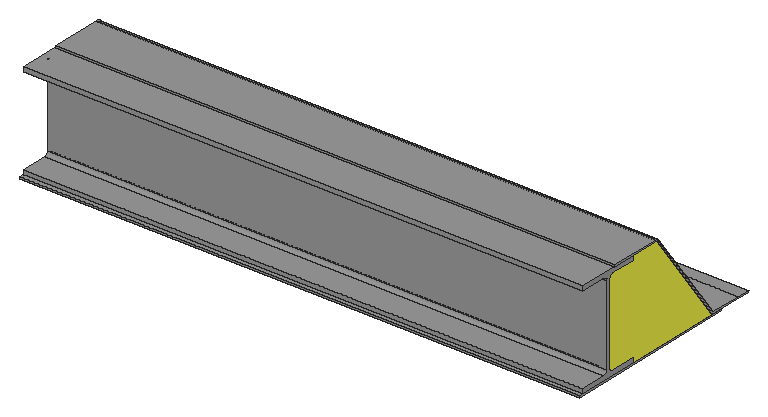
Revit family "XK 150 215 WIL", category Generic Models, Revit 2014
Parameters (values of type "Max lintel length 6600mm")
  URL = "http://www.keystonelintels.co.uk"
  Structural Opening [instance] = 900 mm
  Structural Performance = "The Keystone lintel range has safe working loads as detailed in each applicable loading table in the Keystone Lintel Guide brochure. The structural performance figures within each table have been ascertained by testing in accordance with the requirements of standards BS EN 5977-2: 1983 and BS EN 845-2: 2003."
  RIBA Productor Selector = "available for Keystone Lintels Ltd from Keystone Lintels Ltd from ribaproductselector.com"
  Model = "X/K 150 215 WIL"
  Min Length = 600 mm
  Min Clear Span = 300 mm
  Max Length = 6600 mm
  Max Clear Span = 6600 mm
  Material - Stainless Steel = "Grade 304 2b 1.4307 to BS EN 10088-2. Other grades available on request: contact manufacturer."
  Material - Galvanised Steel = "To BS EN 10346: 2009. DX51D plus Z600 or grade Z275 to BS 5977-2: 1983 (BS EN 845-2: 2003)."
  Manufacturer = "Keystone"
  Manufactured Length [instance] = (roundup(Effective Length / 150 mm) * 150 mm)  # 1200 mm
  Lintel height [instance] = 2100 mm
  Keynote = "F30/755"
  Fire Performance = "Keystone lintels have been subjected to a fire test (WARRES No. 101263) in accordance with BS 476-20: 1987, at Exova Warrington Fire and achieved a one hour fire performance."
  End Bearing = 150 mm
  Effective Length [instance] = Clear Opening with MIN MAX set + End Bearing * 2  # 1200 mm
  Corrosion = "Keystone’s standard range of lintels are manufactured from high quality grade pre-galvanized carbon steel with a zinc coating of 600"
  Contact Tel = "+44 (0)28 8676 2184"
  Contact Email = "info@keystonelintels.co.uk"
  Clear Opening with MIN MAX set [instance] = if(Structural Opening < Min Clear Span, Min Clear Span, (if(Structural Opening > Max Clear Span, Max Clear Span, Structural Opening)))  # 900 mm
  CPD Information = "Available for Keystone Lintels Ltd from ribacpd.com"
Reference planes
  plane 1 "Center (Front/Back)": y = 0
  plane 2: z = 0
  plane 3 "Center (Left/Right)": x = 0
  plane 4: x = -600
  plane 5: x = 600
  plane 6: z = 2100
  plane 7: x = -450
  plane 8: x = 450
Forms (mm)
  Extrusion 1, solid, material "Steel"
    sketch origin (0, 799.627, -506.841) x (0, 1, 0) y (0, 0, 1)
      loop
        line (-490.5, 2605.979) -> (-490.445, 2609.179) -> (-515.43, 2610.041) -> (-584.789, 2610.041)
        arc (-584.789, 2610.041) -> (-585.61, 2610.239) -> (-586.25, 2610.79) r 1.8
        line (-586.25, 2610.79) -> (-733.03, 2814.762)
        arc (-733.03, 2814.762) -> (-734.809, 2816.291) -> (-737.089, 2816.841) r 5
        line (-737.089, 2816.841) -> (-849.627, 2816.841) -> (-849.627, 2813.641) -> (-737.089, 2813.641)
        arc (-737.089, 2813.641) -> (-736.268, 2813.443) -> (-735.628, 2812.892) r 1.8
        line (-735.628, 2812.892) -> (-588.847, 2608.921)
        arc (-588.847, 2608.921) -> (-587.069, 2607.391) -> (-584.789, 2606.841) r 5
        line (-584.789, 2606.841) -> (-515.485, 2606.841) -> (-490.5, 2605.979)
    from -600 to 600
  Extrusion 2, solid, material "Steel"
    sketch origin (0, 799.627, -506.841) x (0, 1, 0) y (0, 0, 1)
      loop
        line (-933.527, 2606.841) -> (-799.627, 2606.841) -> (-799.627, 2616.441) -> (-855.777, 2616.441)
        arc (-855.777, 2616.441) -> (-861.151, 2618.667) -> (-863.377, 2624.041) r 7.6
        line (-863.377, 2624.041) -> (-863.377, 2796.441)
        arc (-863.377, 2796.441) -> (-861.151, 2801.815) -> (-855.777, 2804.041) r 7.6
        line (-855.777, 2804.041) -> (-799.627, 2804.041) -> (-799.627, 2813.641) -> (-933.527, 2813.641) -> (-933.527, 2804.041) -> (-877.377, 2804.041)
        arc (-877.377, 2804.041) -> (-872.003, 2801.815) -> (-869.777, 2796.441) r 7.6
        line (-869.777, 2796.441) -> (-869.777, 2624.041)
        arc (-869.777, 2624.041) -> (-872.003, 2618.667) -> (-877.377, 2616.441) r 7.6
        line (-877.377, 2616.441) -> (-933.527, 2616.441) -> (-933.527, 2606.841)
    from -600 to 600
  Extrusion 3, solid, material "Steel"
    sketch origin (0, 799.627, -506.841) x (0, 1, 0) y (0, 0, 1)
      loop
        line (-564.527, 2603.641) -> (-564.527, 2606.841) -> (-943.527, 2606.841) -> (-943.527, 2603.641) -> (-564.527, 2603.641)
    from -600 to 600
  Extrusion 4, solid, material "Insulation"
    sketch origin (0, 799.627, -506.841) x (0, 1, 0) y (0, 0, 1)
      loop
        line (-799.627, 2606.841) -> (-584.789, 2606.841)
        arc (-584.789, 2606.841) -> (-587.069, 2607.391) -> (-588.847, 2608.921) r 5
        line (-588.847, 2608.921) -> (-735.628, 2812.892)
        arc (-735.628, 2812.892) -> (-736.268, 2813.443) -> (-737.089, 2813.641) r 1.8
        line (-737.089, 2813.641) -> (-799.627, 2813.641) -> (-799.627, 2804.041) -> (-855.777, 2804.041)
        arc (-855.777, 2804.041) -> (-861.151, 2801.815) -> (-863.377, 2796.441) r 7.6
        line (-863.377, 2796.441) -> (-863.377, 2624.041)
        arc (-863.377, 2624.041) -> (-861.151, 2618.667) -> (-855.777, 2616.441) r 7.6
        line (-855.777, 2616.441) -> (-799.627, 2616.441) -> (-799.627, 2606.841)
    from -600 to 600
  Extrusion 5, solid, not visible
    sketch origin (0, 964.652, 1233.72) x (0, 1, 0) y (0, 0, 1)
      loop
        line (-490.5, 1005.979) -> (-490.445, 1009.179) -> (-515.43, 1010.041) -> (-584.789, 1010.041)
        arc (-584.789, 1010.041) -> (-585.61, 1010.239) -> (-586.25, 1010.79) r 1.8
        line (-586.25, 1010.79) -> (-733.03, 1214.762)
        arc (-733.03, 1214.762) -> (-734.809, 1216.291) -> (-737.089, 1216.841) r 5
        line (-737.089, 1216.841) -> (-849.627, 1216.841) -> (-849.627, 1213.641) -> (-737.089, 1213.641)
        arc (-737.089, 1213.641) -> (-736.268, 1213.443) -> (-735.628, 1212.892) r 1.8
        line (-735.628, 1212.892) -> (-588.847, 1008.921)
        arc (-588.847, 1008.921) -> (-587.069, 1007.391) -> (-584.789, 1006.841) r 5
        line (-584.789, 1006.841) -> (-515.485, 1006.841) -> (-490.5, 1005.979)
    from 0 to 250
  Extrusion 6, solid, not visible
    sketch origin (0, 605.22, 1304.901) x (0, 1, 0) y (0, 0, 1)
      loop
        line (-933.527, 1006.841) -> (-799.627, 1006.841) -> (-799.627, 1016.441) -> (-855.777, 1016.441)
        arc (-855.777, 1016.441) -> (-861.151, 1018.667) -> (-863.377, 1024.041) r 7.6
        line (-863.377, 1024.041) -> (-863.377, 1196.441)
        arc (-863.377, 1196.441) -> (-861.151, 1201.815) -> (-855.777, 1204.041) r 7.6
        line (-855.777, 1204.041) -> (-799.627, 1204.041) -> (-799.627, 1213.641) -> (-933.527, 1213.641) -> (-933.527, 1204.041) -> (-877.377, 1204.041)
        arc (-877.377, 1204.041) -> (-872.003, 1201.815) -> (-869.777, 1196.441) r 7.6
        line (-869.777, 1196.441) -> (-869.777, 1024.041)
        arc (-869.777, 1024.041) -> (-872.003, 1018.667) -> (-877.377, 1016.441) r 7.6
        line (-877.377, 1016.441) -> (-933.527, 1016.441) -> (-933.527, 1006.841)
    from 0 to 250
  Extrusion 7, solid, not visible
    sketch origin (0, 1039.364, 1024.659) x (0, 1, 0) y (0, 0, 1)
      loop
        line (-564.527, 1003.641) -> (-564.527, 1006.841) -> (-943.527, 1006.841) -> (-943.527, 1003.641) -> (-564.527, 1003.641)
    from 0 to 250
  Extrusion 8, solid, not visible
    sketch origin (0, 561.438, 842.054) x (0, 1, 0) y (0, 0, 1)
      loop
        line (-799.627, 1006.841) -> (-584.789, 1006.841)
        arc (-584.789, 1006.841) -> (-587.069, 1007.391) -> (-588.847, 1008.921) r 5
        line (-588.847, 1008.921) -> (-735.628, 1212.892)
        arc (-735.628, 1212.892) -> (-736.268, 1213.443) -> (-737.089, 1213.641) r 1.8
        line (-737.089, 1213.641) -> (-799.627, 1213.641) -> (-799.627, 1204.041) -> (-855.777, 1204.041)
        arc (-855.777, 1204.041) -> (-861.151, 1201.815) -> (-863.377, 1196.441) r 7.6
        line (-863.377, 1196.441) -> (-863.377, 1024.041)
        arc (-863.377, 1024.041) -> (-861.151, 1018.667) -> (-855.777, 1016.441) r 7.6
        line (-855.777, 1016.441) -> (-799.627, 1016.441) -> (-799.627, 1006.841)
    from 0 to 250
Dimensions and locks
  equal spacing: plane 4, plane 3 "Center (Left/Right)", plane 5
  "Manufactured Length": plane 4 to plane 5
  "Lintel height": plane 6 to level
  "Structural Opening": plane 7 to plane 8
  equal spacing: plane 7, plane 3 "Center (Left/Right)", plane 8
  aligned and locked: level to plane 2
  aligned and locked: Extrusion 2 to plane 6
  aligned and locked: Extrusion 4 to plane 6
  aligned and locked: Extrusion 1 to plane 6
  aligned and locked: plane 6 to Extrusion 3
  aligned and locked: plane 5 to Extrusion 2
  aligned and locked: Extrusion 2 to plane 4
  aligned and locked: plane 5 to Extrusion 3
  aligned and locked: Extrusion 3 to plane 4
  aligned and locked: plane 5 to Extrusion 1
  aligned and locked: Extrusion 1 to plane 4
  aligned and locked: plane 5 to Extrusion 4
  aligned and locked: Extrusion 4 to plane 4
Automatic sketch dimensions
  Extrusion 1 sketch curve to Extrusion 1 sketch curve = 69.303 mm
  Extrusion 1 sketch curve to Extrusion 1 sketch curve = 24.985 mm
  Extrusion 1 sketch curve to Extrusion 1 sketch curve = 0.862 mm
  Extrusion 1 sketch curve to Extrusion 1 sketch curve = 0.055 mm  (x2)
  Extrusion 1 sketch curve to Extrusion 1 sketch curve = 3.2 mm  (x2)
  Extrusion 1 sketch curve to Extrusion 1 sketch curve = 0 mm  (x8)
  Extrusion 1 sketch curve to Extrusion 1 sketch curve = 1.8 mm
  Extrusion 1 sketch curve to Extrusion 1 sketch curve = 4.058 mm
  Extrusion 1 sketch curve to Extrusion 1 sketch curve = 1.461 mm  (x2)
  Extrusion 1 sketch curve to Extrusion 1 sketch curve = 146.781 mm
  Extrusion 1 sketch curve to Extrusion 1 sketch curve = 203.972 mm
  Extrusion 1 sketch curve to Extrusion 1 sketch curve = 2.597 mm
  Extrusion 1 sketch curve to Extrusion 1 sketch curve = 1.869 mm
  Extrusion 1 sketch curve to Extrusion 1 sketch curve = 1.051 mm
  Extrusion 1 sketch curve to Extrusion 1 sketch curve = 112.538 mm
  Extrusion 2 sketch curve to Extrusion 2 sketch curve = 133.9 mm
  Extrusion 2 sketch curve to Extrusion 2 sketch curve = 9.6 mm  (x3)
  Extrusion 2 sketch curve to Extrusion 2 sketch curve = 56.15 mm  (x3)
  Extrusion 2 sketch curve to Extrusion 2 sketch curve = 7.6 mm  (x4)
  Extrusion 2 sketch curve to Extrusion 2 sketch curve = 172.4 mm
  Extrusion 2 sketch curve to Extrusion 2 sketch curve = 14 mm
  Extrusion 2 sketch curve to Extrusion 2 sketch curve = 0 mm
  Extrusion 3 sketch curve to Extrusion 3 sketch curve = 379 mm
  Extrusion 3 sketch curve to Extrusion 3 sketch curve = 3.2 mm
  Extrusion 4 sketch curve to Extrusion 4 sketch curve = 4.058 mm
  Extrusion 4 sketch curve to Extrusion 4 sketch curve = 210.78 mm
  Extrusion 4 sketch curve to Extrusion 4 sketch curve = 0 mm
  Extrusion 4 sketch curve to Extrusion 4 sketch curve = 2.92 mm
  Extrusion 4 sketch curve to Extrusion 4 sketch curve = 146.781 mm
  Extrusion 4 sketch curve to Extrusion 4 sketch curve = 203.972 mm
  Extrusion 4 sketch curve to Extrusion 4 sketch curve = 9.6 mm  (x2)
  Extrusion 4 sketch curve to Extrusion 4 sketch curve = 56.15 mm  (x2)
  Extrusion 4 sketch curve to Extrusion 4 sketch curve = 7.6 mm  (x2)
  Extrusion 4 sketch curve to Extrusion 4 sketch curve = 1.461 mm
  Extrusion 4 sketch curve to Extrusion 4 sketch curve = 1.051 mm
  Extrusion 4 sketch curve to Extrusion 4 sketch curve = 197.2 mm
  Extrusion 5 sketch curve to Extrusion 5 sketch curve = 69.303 mm
  Extrusion 5 sketch curve to Extrusion 5 sketch curve = 24.985 mm
  Extrusion 5 sketch curve to Extrusion 5 sketch curve = 0.862 mm
  Extrusion 5 sketch curve to Extrusion 5 sketch curve = 0.055 mm  (x2)
  Extrusion 5 sketch curve to Extrusion 5 sketch curve = 3.2 mm  (x2)
  Extrusion 5 sketch curve to Extrusion 5 sketch curve = 0 mm  (x8)
  Extrusion 5 sketch curve to Extrusion 5 sketch curve = 1.8 mm
  Extrusion 5 sketch curve to Extrusion 5 sketch curve = 4.058 mm
  Extrusion 5 sketch curve to Extrusion 5 sketch curve = 1.461 mm  (x2)
  Extrusion 5 sketch curve to Extrusion 5 sketch curve = 146.781 mm
  Extrusion 5 sketch curve to Extrusion 5 sketch curve = 203.972 mm
  Extrusion 5 sketch curve to Extrusion 5 sketch curve = 2.597 mm
  Extrusion 5 sketch curve to Extrusion 5 sketch curve = 1.869 mm
  Extrusion 5 sketch curve to Extrusion 5 sketch curve = 1.051 mm
  Extrusion 5 sketch curve to Extrusion 5 sketch curve = 112.538 mm
  Extrusion 6 sketch curve to Extrusion 6 sketch curve = 133.9 mm
  Extrusion 6 sketch curve to Extrusion 6 sketch curve = 9.6 mm  (x3)
  Extrusion 6 sketch curve to Extrusion 6 sketch curve = 56.15 mm  (x3)
  Extrusion 6 sketch curve to Extrusion 6 sketch curve = 7.6 mm  (x4)
  Extrusion 6 sketch curve to Extrusion 6 sketch curve = 172.4 mm
  Extrusion 6 sketch curve to Extrusion 6 sketch curve = 14 mm
  Extrusion 6 sketch curve to Extrusion 6 sketch curve = 0 mm
  Extrusion 7 sketch curve to Extrusion 7 sketch curve = 379 mm
  Extrusion 7 sketch curve to Extrusion 7 sketch curve = 3.2 mm
  Extrusion 8 sketch curve to Extrusion 8 sketch curve = 4.058 mm
  Extrusion 8 sketch curve to Extrusion 8 sketch curve = 210.78 mm
  Extrusion 8 sketch curve to Extrusion 8 sketch curve = 0 mm
  Extrusion 8 sketch curve to Extrusion 8 sketch curve = 2.92 mm
  Extrusion 8 sketch curve to Extrusion 8 sketch curve = 146.781 mm
  Extrusion 8 sketch curve to Extrusion 8 sketch curve = 203.972 mm
  Extrusion 8 sketch curve to Extrusion 8 sketch curve = 9.6 mm  (x2)
  Extrusion 8 sketch curve to Extrusion 8 sketch curve = 56.15 mm  (x2)
  Extrusion 8 sketch curve to Extrusion 8 sketch curve = 7.6 mm  (x2)
  Extrusion 8 sketch curve to Extrusion 8 sketch curve = 1.461 mm
  Extrusion 8 sketch curve to Extrusion 8 sketch curve = 1.051 mm
  Extrusion 8 sketch curve to Extrusion 8 sketch curve = 197.2 mm
  Extrusion 4 sketch curve to plane 1 "Center (Front/Back)" = 0 mm
  Extrusion 4 sketch curve to plane 6 = 0 mm
  Extrusion 3 sketch curve to plane 6 = 0 mm
  plane 1 "Center (Front/Back)" to Extrusion 3 sketch curve = 143.9 mm
  Extrusion 1 sketch curve to plane 6 = 0 mm
  plane 1 "Center (Front/Back)" to Extrusion 1 sketch curve = 50 mm
  Extrusion 2 sketch curve to plane 6 = 0 mm
  Extrusion 2 sketch curve to plane 1 "Center (Front/Back)" = 0 mm
